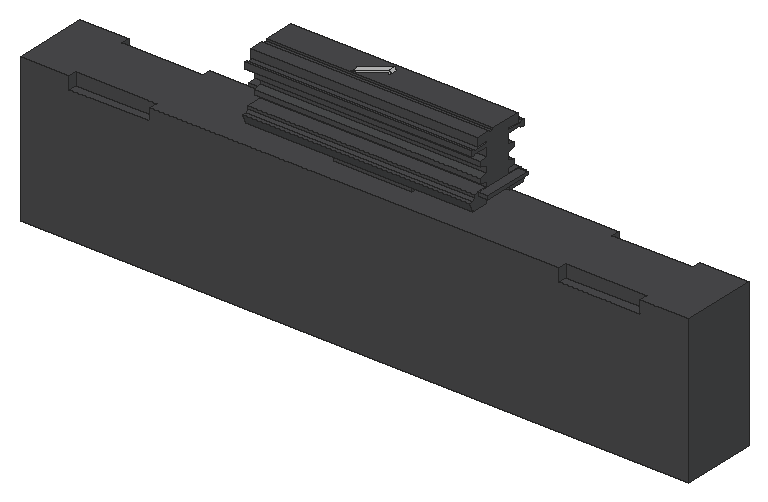
Revit family "DOT SINGLE HEAD RAIL 328_DTM15W3.5.36", category Luminarias, Revit 2019
Family settings
  Cota de conector redondo = Diámetro de uso
  Tipo de pieza = Normal
  Se basa en plano de trabajo = Sí
  Siempre vertical = Sí
  Corte con vacíos al cargar = No
  Origen de luz = Sí
  Compartido = No
  Punto de cálculo de habitación = No
Parameters (values of type "DOT SINGLE HEAD RAIL 328_DTM15W3.5.36")
  Ángulo de inclinación = 60.00°
  Zone [instance] = ""
  Watt per fixture = 15
  Wattage = 15 W
  built-in parameter 1150107 = 3000 (stored number, unit not read)
  built-in parameter 1150110 = 1 (stored number, unit not read)
  built-in parameter 1150109 = 1 (stored number, unit not read)
  built-in parameter 1150112 = 1 (stored number, unit not read)
  built-in parameter 1150113 = 1 (stored number, unit not read)
  built-in parameter 1114218 = 1 (stored number, unit not read)
  Keynote = ""
  built-in parameter 1150137 = (empty or 0)
  built-in parameter 1150132 = (empty or 0)
  Modelo = "DTM15W3.5.36"
  Lámpara = "3030SMD PHILIPS"
  built-in parameter 1150105 = 102.65 (stored number, unit not read)
  built-in parameter 1150102 = (empty or 0)
  built-in parameter 1150106 = 1.0265 (stored number, unit not read)
  Lumens = 1290 lm
  Color Filter = 16777215
  built-in parameter 1114217 = 1 (stored number, unit not read)
  built-in parameter 1150139 = (empty or 0)
  Fabricante = "BRILLANT"
  Default Elevation = 1219.2 mm
  built-in parameter 1150104 = 7.9897 (stored number, unit not read)
  Descripción = "LUMINARIA DOWNLIGHT EN FORMATO RECTANGULAR COMPATIBLE CON RIEL DE 6 ENTRADAS Y 3 CIRCUITOS CON CABEZAL PARA PODER DIRIGIR LA LUMINARIA HASTA 30 GRADOS, CUERPO DE ALUMINIO ACABADO EN COLOR NEGRO, IP 20, PESO 0.86Kg, TIPO DE LED 3030SMD PHILIPS CON 15W TOTAL, 1300 LUMENES, 86LM/W, IRC 90, TEMPERATURA EN BLANCO CALIDO 3000K, 50 MIL HORAS DE VIDA PROMEDIO, APERTURA DE 36 GRADOS POR PROYECTO, ALIMENTADO A 90-240V"
  built-in parameter 1150115 = 1 (stored number, unit not read)
  built-in parameter 1150114 = 1 (stored number, unit not read)
  Comentarios de vataje = "90-240V"
  built-in parameter 1150138 = (empty or 0)
  built-in parameter 1150134 = (empty or 0)
  Circuit [instance] = ""
  Dimming Lamp Color Temperature Shift = (empty or 0)
  Archivo de red fotométrica = "L328A-15W-830-B-36_IESNA95.IES"
  built-in parameter 1150133 = 10 (stored number, unit not read)
Reference planes
  plane 1 "Centro (Frontal/Posterior)": y = 0
  plane 2: z = 0
  plane 3 "Centro (Izquierda/Derecha)": x = 0
Forms (mm)
  Extrusion 1, solid, material "Default Form"
    sketch origin (0, 0, 0) x (1, 0, 0) y (0, 0, 1)
      loop
        line (-164, 0) -> (-164, -72) -> (164, -72) -> (164, 0) -> (-164, 0)
    from -18.326 to 18.326
  Blend 2, void
    base sketch origin (0, 0, 0) x (1, 0, 0) y (0, 1, 0)
      loop
        line (-162, 16.149) -> (-162, -16.149) -> (-144.14, -16.149) -> (-144.14, 16.149) -> (-162, 16.149)
    top sketch origin (0, 0, 0) x (1, 0, 0) y (0, 1, 0)
      loop
        line (-160, 12.149) -> (-160, -12.149) -> (-146.14, -12.149) -> (-146.14, 12.149) -> (-160, 12.149)
    from -72 to -61.591
  Blend 3, void
    base sketch origin (21.86, 0, 0) x (1, 0, 0) y (0, 1, 0)
      loop
        line (-162, 16.149) -> (-162, -16.149) -> (-144.14, -16.149) -> (-144.14, 16.149) -> (-162, 16.149)
    top sketch origin (21.86, 0, 0) x (1, 0, 0) y (0, 1, 0)
      loop
        line (-160, 12.149) -> (-160, -12.149) -> (-146.14, -12.149) -> (-146.14, 12.149) -> (-160, 12.149)
    from -72 to -61.591
  Blend 4, void
    base sketch origin (43.72, 0, 0) x (1, 0, 0) y (0, 1, 0)
      loop
        line (-162, 16.149) -> (-162, -16.149) -> (-144.14, -16.149) -> (-144.14, 16.149) -> (-162, 16.149)
    top sketch origin (43.72, 0, 0) x (1, 0, 0) y (0, 1, 0)
      loop
        line (-160, 12.149) -> (-160, -12.149) -> (-146.14, -12.149) -> (-146.14, 12.149) -> (-160, 12.149)
    from -72 to -61.591
  Blend 5, void
    base sketch origin (65.58, 0, 0) x (1, 0, 0) y (0, 1, 0)
      loop
        line (-162, 16.149) -> (-162, -16.149) -> (-144.14, -16.149) -> (-144.14, 16.149) -> (-162, 16.149)
    top sketch origin (65.58, 0, 0) x (1, 0, 0) y (0, 1, 0)
      loop
        line (-160, 12.149) -> (-160, -12.149) -> (-146.14, -12.149) -> (-146.14, 12.149) -> (-160, 12.149)
    from -72 to -61.591
  Blend 6, void
    base sketch origin (87.44, 0, 0) x (1, 0, 0) y (0, 1, 0)
      loop
        line (-162, 16.149) -> (-162, -16.149) -> (-144.14, -16.149) -> (-144.14, 16.149) -> (-162, 16.149)
    top sketch origin (87.44, 0, 0) x (1, 0, 0) y (0, 1, 0)
      loop
        line (-160, 12.149) -> (-160, -12.149) -> (-146.14, -12.149) -> (-146.14, 12.149) -> (-160, 12.149)
    from -72 to -61.591
  Blend 7, void
    base sketch origin (109.3, 0, 0) x (1, 0, 0) y (0, 1, 0)
      loop
        line (-162, 16.149) -> (-162, -16.149) -> (-144.14, -16.149) -> (-144.14, 16.149) -> (-162, 16.149)
    top sketch origin (109.3, 0, 0) x (1, 0, 0) y (0, 1, 0)
      loop
        line (-160, 12.149) -> (-160, -12.149) -> (-146.14, -12.149) -> (-146.14, 12.149) -> (-160, 12.149)
    from -72 to -61.591
  Blend 8, void
    base sketch origin (131.16, 0, 0) x (1, 0, 0) y (0, 1, 0)
      loop
        line (-162, 16.149) -> (-162, -16.149) -> (-144.14, -16.149) -> (-144.14, 16.149) -> (-162, 16.149)
    top sketch origin (131.16, 0, 0) x (1, 0, 0) y (0, 1, 0)
      loop
        line (-160, 12.149) -> (-160, -12.149) -> (-146.14, -12.149) -> (-146.14, 12.149) -> (-160, 12.149)
    from -72 to -61.591
  Blend 9, void
    base sketch origin (153.02, 0, 0) x (1, 0, 0) y (0, 1, 0)
      loop
        line (-162, 16.149) -> (-162, -16.149) -> (-144.14, -16.149) -> (-144.14, 16.149) -> (-162, 16.149)
    top sketch origin (153.02, 0, 0) x (1, 0, 0) y (0, 1, 0)
      loop
        line (-160, 12.149) -> (-160, -12.149) -> (-146.14, -12.149) -> (-146.14, 12.149) -> (-160, 12.149)
    from -72 to -61.591
  Blend 10, void
    base sketch origin (174.88, 0, 0) x (1, 0, 0) y (0, 1, 0)
      loop
        line (-162, 16.149) -> (-162, -16.149) -> (-144.14, -16.149) -> (-144.14, 16.149) -> (-162, 16.149)
    top sketch origin (174.88, 0, 0) x (1, 0, 0) y (0, 1, 0)
      loop
        line (-160, 12.149) -> (-160, -12.149) -> (-146.14, -12.149) -> (-146.14, 12.149) -> (-160, 12.149)
    from -72 to -61.591
  Blend 11, void
    base sketch origin (196.74, 0, 0) x (1, 0, 0) y (0, 1, 0)
      loop
        line (-162, 16.149) -> (-162, -16.149) -> (-144.14, -16.149) -> (-144.14, 16.149) -> (-162, 16.149)
    top sketch origin (196.74, 0, 0) x (1, 0, 0) y (0, 1, 0)
      loop
        line (-160, 12.149) -> (-160, -12.149) -> (-146.14, -12.149) -> (-146.14, 12.149) -> (-160, 12.149)
    from -72 to -61.591
  Blend 12, void
    base sketch origin (218.6, 0, 0) x (1, 0, 0) y (0, 1, 0)
      loop
        line (-162, 16.149) -> (-162, -16.149) -> (-144.14, -16.149) -> (-144.14, 16.149) -> (-162, 16.149)
    top sketch origin (218.6, 0, 0) x (1, 0, 0) y (0, 1, 0)
      loop
        line (-160, 12.149) -> (-160, -12.149) -> (-146.14, -12.149) -> (-146.14, 12.149) -> (-160, 12.149)
    from -72 to -61.591
  Blend 13, void
    base sketch origin (240.46, 0, 0) x (1, 0, 0) y (0, 1, 0)
      loop
        line (-162, 16.149) -> (-162, -16.149) -> (-144.14, -16.149) -> (-144.14, 16.149) -> (-162, 16.149)
    top sketch origin (240.46, 0, 0) x (1, 0, 0) y (0, 1, 0)
      loop
        line (-160, 12.149) -> (-160, -12.149) -> (-146.14, -12.149) -> (-146.14, 12.149) -> (-160, 12.149)
    from -72 to -61.591
  Blend 14, void
    base sketch origin (262.32, 0, 0) x (1, 0, 0) y (0, 1, 0)
      loop
        line (-162, 16.149) -> (-162, -16.149) -> (-144.14, -16.149) -> (-144.14, 16.149) -> (-162, 16.149)
    top sketch origin (262.32, 0, 0) x (1, 0, 0) y (0, 1, 0)
      loop
        line (-160, 12.149) -> (-160, -12.149) -> (-146.14, -12.149) -> (-146.14, 12.149) -> (-160, 12.149)
    from -72 to -61.591
  Blend 15, void
    base sketch origin (284.18, 0, 0) x (1, 0, 0) y (0, 1, 0)
      loop
        line (-162, 16.149) -> (-162, -16.149) -> (-144.14, -16.149) -> (-144.14, 16.149) -> (-162, 16.149)
    top sketch origin (284.18, 0, 0) x (1, 0, 0) y (0, 1, 0)
      loop
        line (-160, 12.149) -> (-160, -12.149) -> (-146.14, -12.149) -> (-146.14, 12.149) -> (-160, 12.149)
    from -72 to -61.591
  Blend 16, void
    base sketch origin (306.04, 0, 0) x (1, 0, 0) y (0, 1, 0)
      loop
        line (-162, 16.149) -> (-162, -16.149) -> (-144.14, -16.149) -> (-144.14, 16.149) -> (-162, 16.149)
    top sketch origin (306.04, 0, 0) x (1, 0, 0) y (0, 1, 0)
      loop
        line (-160, 12.149) -> (-160, -12.149) -> (-146.14, -12.149) -> (-146.14, 12.149) -> (-160, 12.149)
    from -72 to -61.591
  Extrusion 17, solid, material "Default Form"
    sketch origin (-55.628, 0, 7.5) x (0, 1, 0) y (0, 0, 1)
      loop
        line (-7.273, 1.74) -> (7.273, 1.74) -> (7.273, 0) -> (15.231, 0) -> (17.006, 4.494) -> (15.021, 4.494) -> (14.058, 5.868) -> (14.058, 7.166) -> (6.473, 7.166) -> (6.473, 9.324) -> (10.169, 10.163) -> (10.169, 12.464) -> (6.473, 13.302) -> (6.473, 16.66) -> (10.169, 17.499) -> (10.169, 19.8) -> (6.473, 20.638) -> (6.473, 25.016) -> (13.839, 25.016) -> (14.514, 24.341) -> (15.775, 24.341) -> (15.775, 27.171) -> (14.73, 27.171) -> (14.058, 26.499) -> (6.473, 26.499) -> (6.473, 27.299) -> (12.377, 27.299) -> (12.377, 31.471) -> (-2.744, 31.471) -> (-2.744, 30.671) -> (-5.514, 30.671) -> (-5.514, 31.471) -> (-12.377, 31.471) -> (-12.377, 27.299) -> (-6.473, 27.299) -> (-6.473, 26.499) -> (-14.058, 26.499) -> (-14.73, 27.171) -> (-15.775, 27.171) -> (-15.775, 24.341) -> (-14.514, 24.341) -> (-13.839, 25.016) -> (-6.473, 25.016) -> (-6.473, 20.638) -> (-10.169, 19.8) -> (-10.169, 17.499) -> (-6.473, 16.66) -> (-6.473, 13.302) -> (-10.169, 12.464) -> (-10.169, 10.163) -> (-6.473, 9.324) -> (-6.473, 7.166) -> (-14.058, 7.166) -> (-14.058, 5.868) -> (-15.021, 4.494) -> (-17.006, 4.494) -> (-15.231, 0) -> (-7.273, 0) -> (-7.273, 1.74)
    from 0 to 111.256
  Extrusion 18, solid, material "Default Form"
    sketch origin (0, 0, 0) x (1, 0, 0) y (0, 1, 0)
      loop
        line (-19.12, 6.873) -> (-19.12, -6.873) -> (19.12, -6.873) -> (19.12, 6.873) -> (-19.12, 6.873)
    from 0 to 2.67
  Extrusion 19, solid, material "Default Form"
    sketch origin (0, 0, 0) x (1, 0, 0) y (0, 1, 0)
      loop
        line (-10.93, 3.188) -> (-10.93, -3.188) -> (10.93, -3.188) -> (10.93, 3.188) -> (-10.93, 3.188)
    from 2.67 to 7.5
  Extrusion 20, void
    sketch origin (0, 0, 0) x (1, 0, 0) y (0, 1, 0)
      loop
        line (-140.14, 18.326) -> (-140.14, 14.276) -> (-100.42, 14.276) -> (-100.42, 18.326) -> (-140.14, 18.326)
      loop
        line (-140.14, -18.326) -> (-100.42, -18.326) -> (-100.42, -14.276) -> (-140.14, -14.276) -> (-140.14, -18.326)
      loop
        line (140.14, -18.326) -> (140.14, -14.276) -> (100.42, -14.276) -> (100.42, -18.326) -> (140.14, -18.326)
      loop
        line (140.14, 18.326) -> (100.42, 18.326) -> (100.42, 14.276) -> (140.14, 14.276) -> (140.14, 18.326)
    from -6.015 to 0
  Extrusion 21, solid, material "Acero Inoxidable"
    sketch origin (0, -1.594, 0) x (1, 0, 0) y (0, 0, -1)
      loop
        line (-15, -38.971) -> (3.794, -45.811) -> (4.341, -44.308) -> (3.589, -44.034) -> (3.316, -44.786) -> (-12.661, -38.971) -> (-15, -38.971)
    from 0 to 3.188
  Extrusion 22, solid, material "Default Form"
    sketch origin (0, 0, 0) x (1, 0, 0) y (0, 1, 0)
      loop
        line (-55.628, 6.473) -> (-66.331, 6.473) -> (-66.331, 0) -> (-55.628, 0) -> (-55.628, 6.473)
      loop
        line (55.628, 12.377) -> (55.628, -12.149) -> (60.628, -12.149) -> (60.628, 12.377) -> (55.628, 12.377)
    from 13.368 to 15
Cuts and joins
  Blend 2, Blend 3, Blend 4, Blend 5, Blend 6, Blend 7, Blend 8, Blend 9, Blend 10, Blend 11, Blend 12, Blend 13, Blend 14, Blend 15, Blend 16, Extrusion 20 cuts Extrusion 1
Dimensions and locks
  equal spacing: Extrusion 1, plane 1 "Centro (Frontal/Posterior)", Extrusion 1
  Extrusion 1 to plane 1 "Centro (Frontal/Posterior)" = 18.326 mm
  Extrusion 1 to Extrusion 1 = 36.651 mm
  Extrusion 1 to Extrusion 1 = 72 mm
  Extrusion 1 to Extrusion 1 = 328 mm
  equal spacing: group 1, group 2, group 3, group 4, group 5, group 6, group 7, group 8, group 9, group 10, group 11, group 12, group 13, group 14  (x3)
  cut or joined group 1 (Extrusion 1, Blend 2, Blend 3, Blend 4, Blend 5, Blend 6, Blend 7, Blend 8, Blend 9, Blend 10, Blend 11, Blend 12, Blend 13, Blend 14, Blend 15, Blend 16, Extrusion 20) to cut or joined group 1 = 72 mm
  cut or joined group 1 to cut or joined group 1 = 36.651 mm
  cut or joined group 1 to cut or joined group 1 = 328 mm
  equal spacing: cut or joined group 1, plane 1 "Centro (Frontal/Posterior)", cut or joined group 1
  locked: cut or joined group 1 to cut or joined group 1 at 23.86  (x2)
  aligned and locked: level to plane 2
  aligned and locked: Extrusion 19 to Extrusion 17
  aligned and locked: Extrusion 19 to Extrusion 18
Automatic sketch dimensions
  Blend 3 sketch curve to Blend 3 sketch curve = 17.86 mm
  Blend 3 sketch curve to Blend 3 sketch curve = 13.86 mm
  Blend 3 sketch curve to Blend 3 sketch curve = 32.298 mm
  Blend 3 sketch curve to Blend 3 sketch curve = 24.298 mm
  Blend 4 sketch curve to Blend 4 sketch curve = 17.86 mm
  Blend 4 sketch curve to Blend 4 sketch curve = 13.86 mm
  Blend 4 sketch curve to Blend 4 sketch curve = 32.298 mm
  Blend 4 sketch curve to Blend 4 sketch curve = 24.298 mm
  Blend 5 sketch curve to Blend 5 sketch curve = 17.86 mm
  Blend 5 sketch curve to Blend 5 sketch curve = 13.86 mm
  Blend 5 sketch curve to Blend 5 sketch curve = 32.298 mm
  Blend 5 sketch curve to Blend 5 sketch curve = 24.298 mm
  Blend 6 sketch curve to Blend 6 sketch curve = 17.86 mm
  Blend 6 sketch curve to Blend 6 sketch curve = 13.86 mm
  Blend 6 sketch curve to Blend 6 sketch curve = 32.298 mm
  Blend 6 sketch curve to Blend 6 sketch curve = 24.298 mm
  Blend 7 sketch curve to Blend 7 sketch curve = 17.86 mm
  Blend 7 sketch curve to Blend 7 sketch curve = 13.86 mm
  Blend 7 sketch curve to Blend 7 sketch curve = 32.298 mm
  Blend 7 sketch curve to Blend 7 sketch curve = 24.298 mm
  Blend 8 sketch curve to Blend 8 sketch curve = 17.86 mm
  Blend 8 sketch curve to Blend 8 sketch curve = 13.86 mm
  Blend 8 sketch curve to Blend 8 sketch curve = 32.298 mm
  Blend 8 sketch curve to Blend 8 sketch curve = 24.298 mm
  Blend 9 sketch curve to Blend 9 sketch curve = 17.86 mm
  Blend 9 sketch curve to Blend 9 sketch curve = 13.86 mm
  Blend 9 sketch curve to Blend 9 sketch curve = 32.298 mm
  Blend 9 sketch curve to Blend 9 sketch curve = 24.298 mm
  Blend 10 sketch curve to Blend 10 sketch curve = 17.86 mm
  Blend 10 sketch curve to Blend 10 sketch curve = 13.86 mm
  Blend 10 sketch curve to Blend 10 sketch curve = 32.298 mm
  Blend 10 sketch curve to Blend 10 sketch curve = 24.298 mm
  Blend 11 sketch curve to Blend 11 sketch curve = 17.86 mm
  Blend 11 sketch curve to Blend 11 sketch curve = 13.86 mm
  Blend 11 sketch curve to Blend 11 sketch curve = 32.298 mm
  Blend 11 sketch curve to Blend 11 sketch curve = 24.298 mm
  Blend 12 sketch curve to Blend 12 sketch curve = 17.86 mm
  Blend 12 sketch curve to Blend 12 sketch curve = 13.86 mm
  Blend 12 sketch curve to Blend 12 sketch curve = 32.298 mm
  Blend 12 sketch curve to Blend 12 sketch curve = 24.298 mm
  Blend 13 sketch curve to Blend 13 sketch curve = 17.86 mm
  Blend 13 sketch curve to Blend 13 sketch curve = 13.86 mm
  Blend 13 sketch curve to Blend 13 sketch curve = 32.298 mm
  Blend 13 sketch curve to Blend 13 sketch curve = 24.298 mm
  Blend 14 sketch curve to Blend 14 sketch curve = 17.86 mm
  Blend 14 sketch curve to Blend 14 sketch curve = 13.86 mm
  Blend 14 sketch curve to Blend 14 sketch curve = 32.298 mm
  Blend 14 sketch curve to Blend 14 sketch curve = 24.298 mm
  Blend 15 sketch curve to Blend 15 sketch curve = 17.86 mm
  Blend 15 sketch curve to Blend 15 sketch curve = 13.86 mm
  Blend 15 sketch curve to Blend 15 sketch curve = 32.298 mm
  Blend 15 sketch curve to Blend 15 sketch curve = 24.298 mm
  Blend 16 sketch curve to Blend 16 sketch curve = 17.86 mm
  Blend 16 sketch curve to Blend 16 sketch curve = 13.86 mm
  Blend 16 sketch curve to Blend 16 sketch curve = 32.298 mm
  Blend 16 sketch curve to Blend 16 sketch curve = 24.298 mm
  Extrusion 1 sketch curve to level = 0 mm
  Extrusion 1 sketch curve to level = 72 mm
  Extrusion 1 sketch curve to plane 3 "Centro (Izquierda/Derecha)" = 164 mm
  plane 3 "Centro (Izquierda/Derecha)" to Extrusion 1 sketch curve = 164 mm
  Blend 2 sketch curve to plane 1 "Centro (Frontal/Posterior)" = 16.149 mm
  Blend 2 sketch curve to plane 3 "Centro (Izquierda/Derecha)" = 162 mm
  Blend 2 sketch curve to Blend 2 sketch curve = 17.86 mm
  plane 1 "Centro (Frontal/Posterior)" to Blend 2 sketch curve = 16.149 mm
  Blend 2 sketch curve to plane 1 "Centro (Frontal/Posterior)" = 12.149 mm
  Blend 2 sketch curve to plane 3 "Centro (Izquierda/Derecha)" = 160 mm
  Blend 2 sketch curve to Blend 2 sketch curve = 13.86 mm
  plane 1 "Centro (Frontal/Posterior)" to Blend 2 sketch curve = 12.149 mm
  plane 1 "Centro (Frontal/Posterior)" to Extrusion 17 sketch curve = 17.006 mm
  plane 1 "Centro (Frontal/Posterior)" to Extrusion 17 sketch curve = 15.775 mm
  level to Extrusion 17 sketch curve = 7.5 mm  (x2)
  Extrusion 17 sketch curve to Extrusion 17 sketch curve = 1.775 mm
  Extrusion 17 sketch curve to Extrusion 17 sketch curve = 1.985 mm  (x2)
  Extrusion 17 sketch curve to Extrusion 17 sketch curve = 1.045 mm
  Extrusion 17 sketch curve to Extrusion 17 sketch curve = 1.261 mm  (x2)
  Extrusion 17 sketch curve to Extrusion 17 sketch curve = 0.963 mm  (x2)
  Extrusion 17 sketch curve to Extrusion 17 sketch curve = 0.672 mm  (x4)
  Extrusion 17 sketch curve to Extrusion 17 sketch curve = 0.675 mm  (x3)
  Extrusion 17 sketch curve to Extrusion 17 sketch curve = 2.354 mm
  Extrusion 17 sketch curve to Extrusion 17 sketch curve = 4.345 mm
  Extrusion 17 sketch curve to Extrusion 17 sketch curve = 3.89 mm  (x2)
  plane 1 "Centro (Frontal/Posterior)" to Extrusion 17 sketch curve = 7.273 mm
  Extrusion 17 sketch curve to Extrusion 17 sketch curve = 3.696 mm  (x4)
  Extrusion 17 sketch curve to Extrusion 17 sketch curve = 5.904 mm  (x2)
  Extrusion 17 sketch curve to Extrusion 17 sketch curve = 0 mm  (x3)
  Extrusion 17 sketch curve to Extrusion 17 sketch curve = 0.959 mm
  plane 1 "Centro (Frontal/Posterior)" to Extrusion 17 sketch curve = 2.744 mm
  Extrusion 17 sketch curve to plane 1 "Centro (Frontal/Posterior)" = 6.473 mm  (x2)
  Extrusion 17 sketch curve to Extrusion 17 sketch curve = 0.8 mm  (x3)
  Extrusion 17 sketch curve to Extrusion 17 sketch curve = 1.462 mm
  Extrusion 17 sketch curve to Extrusion 17 sketch curve = 0.22 mm
  Extrusion 17 sketch curve to Extrusion 17 sketch curve = 0.21 mm
  Extrusion 17 sketch curve to Extrusion 17 sketch curve = 1.74 mm
  Extrusion 17 sketch curve to Extrusion 17 sketch curve = 4.494 mm  (x2)
  Extrusion 17 sketch curve to Extrusion 17 sketch curve = 1.375 mm  (x2)
  Extrusion 17 sketch curve to Extrusion 17 sketch curve = 5.426 mm  (x2)
  Extrusion 17 sketch curve to Extrusion 17 sketch curve = 2.158 mm  (x2)
  Extrusion 17 sketch curve to Extrusion 17 sketch curve = 0.839 mm  (x8)
  Extrusion 17 sketch curve to Extrusion 17 sketch curve = 2.301 mm  (x4)
  Extrusion 17 sketch curve to Extrusion 17 sketch curve = 3.358 mm  (x2)
  Extrusion 17 sketch curve to Extrusion 17 sketch curve = 4.541 mm  (x2)
  Extrusion 17 sketch curve to Extrusion 17 sketch curve = 4.378 mm
  Extrusion 17 sketch curve to Extrusion 17 sketch curve = 1.483 mm  (x2)
  Extrusion 17 sketch curve to Extrusion 17 sketch curve = 3.372 mm
  Extrusion 17 sketch curve to Extrusion 17 sketch curve = 4.172 mm  (x2)
  plane 1 "Centro (Frontal/Posterior)" to Extrusion 18 sketch curve = 6.873 mm
  Extrusion 18 sketch curve to plane 3 "Centro (Izquierda/Derecha)" = 19.12 mm
  plane 3 "Centro (Izquierda/Derecha)" to Extrusion 18 sketch curve = 19.12 mm
  Extrusion 18 sketch curve to plane 1 "Centro (Frontal/Posterior)" = 6.873 mm
  plane 1 "Centro (Frontal/Posterior)" to Extrusion 19 sketch curve = 3.188 mm
  Extrusion 19 sketch curve to plane 3 "Centro (Izquierda/Derecha)" = 10.93 mm
  plane 3 "Centro (Izquierda/Derecha)" to Extrusion 19 sketch curve = 10.93 mm
  Extrusion 19 sketch curve to plane 1 "Centro (Frontal/Posterior)" = 3.188 mm
  Extrusion 20 sketch curve to plane 1 "Centro (Frontal/Posterior)" = 18.326 mm
  Extrusion 20 sketch curve to plane 3 "Centro (Izquierda/Derecha)" = 140.14 mm
  Extrusion 20 sketch curve to Extrusion 20 sketch curve = 0 mm  (x4)
  plane 1 "Centro (Frontal/Posterior)" to Extrusion 20 sketch curve = 18.326 mm
  Extrusion 20 sketch curve to Extrusion 20 sketch curve = 39.72 mm  (x2)
  Extrusion 20 sketch curve to plane 1 "Centro (Frontal/Posterior)" = 14.276 mm
  plane 3 "Centro (Izquierda/Derecha)" to Extrusion 20 sketch curve = 100.42 mm
  plane 1 "Centro (Frontal/Posterior)" to Extrusion 20 sketch curve = 14.276 mm
  Extrusion 20 sketch curve to Extrusion 20 sketch curve = 4.049 mm  (x4)
  Extrusion 21 sketch curve to plane 3 "Centro (Izquierda/Derecha)" = 15 mm
  Extrusion 21 sketch curve to Extrusion 21 sketch curve = 2.339 mm
  plane 3 "Centro (Izquierda/Derecha)" to Extrusion 21 sketch curve = 3.316 mm
  Extrusion 21 sketch curve to Extrusion 21 sketch curve = 0.274 mm
  Extrusion 21 sketch curve to Extrusion 21 sketch curve = 0.478 mm
  Extrusion 21 sketch curve to Extrusion 21 sketch curve = 0.752 mm
  level to Extrusion 21 sketch curve = 45.811 mm
  plane 1 "Centro (Frontal/Posterior)" to Extrusion 22 sketch curve = 0 mm
  Extrusion 22 sketch curve to plane 1 "Centro (Frontal/Posterior)" = 6.473 mm
  Extrusion 22 sketch curve to plane 3 "Centro (Izquierda/Derecha)" = 66.331 mm
  Extrusion 22 sketch curve to Extrusion 22 sketch curve = 10.703 mm
  Extrusion 22 sketch curve to plane 1 "Centro (Frontal/Posterior)" = 12.377 mm
  plane 3 "Centro (Izquierda/Derecha)" to Extrusion 22 sketch curve = 55.628 mm
  Extrusion 22 sketch curve to Extrusion 22 sketch curve = 5 mm
  plane 1 "Centro (Frontal/Posterior)" to Extrusion 22 sketch curve = 12.149 mm
Connectors
  electrical at (0, 0, 0)
    settings: on cut or joined group 1, index 1, voltage 240 V, apparent load 0 VA, apparent load phase1 0 VA, apparent load phase2 0 VA, apparent load phase3 0 VA, power factor 1, load classification "Otro", number of poles 1, system type 31, power factor state 1, is connector primary yes, connector utility no, sub classification motor no, connector description ""
